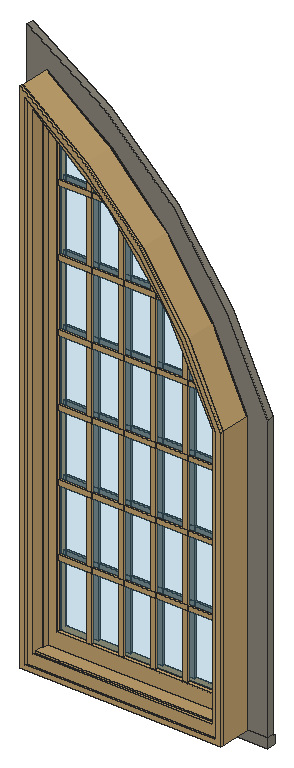
Revit family
Parameters (values of type "CUDHRTP-NG RT25")
  Window Type = "Clad Ultimate DH Round Top Picture RT25 - NG"
  Void Offset 2 = if(Subsill Visibility, 0' 0", 0' 9")  # 0' - 0"
  Void Offset = if(Casing Visibility, 0' 0", 0' 9")  # 0' - 0"
  URL = "www.marvin.com"
  Subsill Height_2 = if(Subsill A217, 0' 1 11/32", 0' 0 9/16")  # 0' - 1 11/32"
  Subsill Height = if(Subsill A217 Visibility, 0' 1 11/32", if(Subsill A246 Visibility, 0' 0 9/16", 0' 0"))  # 0' - 1 11/32"
  Subsill A246 Visibility = and(Subsill Visibility, Subsill A246)  # no
  Subsill A217 Visibility = and(Subsill Visibility, Subsill A217)  # yes
  Radius = 6' - 0"
  Muntins Interior Visibility = yes
  Muntins Interior Material = Wood-Marvin-Pine
  Muntins Exterior Visibility = yes
  Muntins Exterior Material = Aluminum-Marvin-Bronze
  Mask Offset [instance] = if(Inset to Installation Flange = 0' 1 3/32", 0' 0 1/32", 0' 0")  # 0' - 0"
  Lites Wide = 5
  Lites High = 7
  Interior Material = Wood-Marvin-Pine
  Frame = "Aluminum Clad"
  Flat Casing Visibility = and(Casing Visibility, Flat Casing)  # yes
  Egress Window = ""
  Design Pressure = "DP50"
  Cladding Material = Aluminum-Marvin-Bronze
  Center_V = sin(Angle 3) * Radius  # 2' - 1.58429"
  Center_H = cos(Angle 3) * Radius  # 5' - 7.30115"
  Casing Width_2 = if(BMC, 0' 1 5/16", 0' 3")  # 0' - 3"
  Casing Visibility = yes
  Subsill Visibility = yes
  BMC Visibility = and(Casing Visibility, BMC)  # no
  BMC = no
  Flat Casing = not(BMC)  # yes
  Subsill A246 = no
  Subsill A217 = not(Subsill A246)  # yes
  Glazing Material = Glass-Marvin-IG Low E II with Argon
  Springline = 3' - 6"
  Nominal Width = 2' - 6"
  Nominal Height = 6' - 6"
  Model = "CUDHRTP-NG RT25"
  Mask [instance] = Inset to Installation Flange > 0' 1 3/32"  # no
  Manufacturer = "Marvin Windows and Doors"
  Label Visibility = no
  Glass Type = "IG Low E II with Argon"
  Family created by = "www.rbuiltcomponents.com"
  Rough Width = Width + 0' 1"  # 2' - 7"
  Rough Height = Height + 0' 0 1/2"  # 6' - 6 1/2"
  Jamb Extension Visibility = yes
  Inset to Installation Flange [instance] = 0' - 1"
  Height = Nominal Height  # 6' - 6"
  Description = "DH RT25"
  Default Head Height = 8' - 0"
  Wall Closure = (empty or 0)
  Width = Nominal Width  # 2' - 6"
  DLO Width = Width - 0' 6 17/32"  # 1' - 11 15/32"
  DLO Height = Height - 0' 8 5/64"  # 5' - 9 59/64"
  Casing Width = if(BMC Visibility, 0' 1 5/16", if(Flat Casing Visibility, 0' 3", 0' 0"))  # 0' - 3"
  Assembly Code = ""
  Bulge = Radius - (sqrt(Radius ^ 2 - (Chord ^ 2 / 4)))  # 0' - 3.91917"
  Chord = sqrt((Height - Springline) ^ 2 + Width ^ 2)  # 3' - 10.8615"
  Angle 3 = Angle 1 - Angle 2  # 20.8141°
  Angle 2 = asin(0.5 * Chord / Radius)  # 18.9915°
  Angle 1 = asin(Width / Chord)  # 39.8056°
Reference planes (in)
  plane 1 "Center (Front/Back)": y = 0
  plane 2: z = 0
  plane 3 "Center (Left/Right)": x = -3
  plane 4 "Left": x = -18
  plane 5 "Right": x = 12
  plane 6 "Sill": z = 18
  plane 7 "Top": z = 96
  plane 8 "Inset": y = 2
  plane 9 "Glazing": y = 1.40625
  plane 10 "Jamb Ext Face": y = -2.5625
  plane 11: z = 57.77344
  plane 12: z = 60
  plane 13: y = -2.59375
  plane 14: z = 22.8125
  plane 15 "Glazing2": y = 0.40625
  plane 16: z = 92.73438
  plane 17: x = -55.30115
  plane 18: z = 34.41571
Forms (in)
  Sweep 1, solid, material "Wood-Marvin-Pine" <- "Interior Material"
    path origin (0, 2, 0) x (1, 0, 0) y (0, 0, 1)
      loop
        line (12, 18) -> (12, 60)
        arc (12, 60) -> (0.01079, 80.50899) -> (-18, 96) r 72
        line (-18, 96) -> (-18, 18)
    profile "Profile_Ext_Clad_Frame : Profile_Ext_Clad_Frame" origin (-18, 2, 57) x (1, 0, 0) y (0, -1, 0)
      loop
        line (0, 0) -> (0, -1.09401) -> (0.59375, -1.09401) -> (0.66381, -0.62526) -> (0.9375, -0.62526) -> (0.9375, -0.21901) -> (1.78125, -0.21901) -> (1.78125, 0.12474) -> (1.5625, 0.12474) -> (1.5625, 2) -> (1.78125, 2) -> (1.78125, 2.75) -> (1.5, 2.75) -> (1.5, 4.5625) -> (0, 4.5625) -> (0, 0.0625) -> (0.0625, 0.0625) -> (0.0625, 0) -> (0, 0)
  Extrusion 2, solid, material "Glass-Marvin-IG Low E II with Argon" <- "Glazing Material"
    sketch origin (0, 1.40625, 0) x (1, 0, 0) y (0, 0, 1)
      loop
        line (9.48437, 22.07813) -> (9.48437, 59.53373)
        arc (9.48437, 59.53373) -> (-0.63265, 77.30433) -> (-15.48438, 91.36045) r 69.48437
        line (-15.48438, 91.36045) -> (-15.48438, 22.07813) -> (9.48437, 22.07813)
    from 0 to 0.1875
  Extrusion 3, void
    sketch origin (0, 0, 0) x (1, 0, 0) y (0, 0, 1)
      loop
        line (12, 18) -> (12, 60)
        arc (12, 60) -> (0.01079, 80.50899) -> (-18, 96) r 72
        line (-18, 96) -> (-18, 18) -> (12, 18)
    from -3 to 3
  Sweep 4, solid, material "Aluminum-Marvin-Bronze" <- "Cladding Material", visible <- "BMC Visibility"
    path origin (0, 2, 0) x (1, 0, 0) y (0, 0, 1)
      loop
        line (12, 18) -> (12, 60)
        arc (12, 60) -> (0.01079, 80.50899) -> (-18, 96) r 72
        line (-18, 96) -> (-18, 18)
    profile "BMC_Clad : BMC_Clad" origin (-18, 2, 57) x (1, 0, 0) y (0, -1, 0)
      loop
        line (-0.71589, -1.25) -> (-0.38081, -1.09375) -> (0, -1.09375) -> (0, 0) -> (-1.3125, 0) -> (-1.3125, -1.25) -> (-0.71589, -1.25)
  Sweep 5, solid, material "Aluminum-Marvin-Bronze" <- "Cladding Material", visible <- "Flat Casing Visibility"
    path origin (0, 2, 0) x (1, 0, 0) y (0, 0, 1)
      loop
        line (-18, 18) -> (-18, 96)
        arc (-18, 96) -> (0.01079, 80.50899) -> (12, 60) r 72
        line (12, 60) -> (12, 18)
    profile "Flat_Casing_Clad : Flat_Casing_Clad" origin (12, 2, 39) x (1, 0, 0) y (0, -1, 0)
      loop
        line (3, -1.09375) -> (3, 0) -> (0, 0) -> (0, -1.09375) -> (3, -1.09375)
  Sweep 6, solid, material "Aluminum-Marvin-Bronze" <- "Cladding Material", visible <- "Subsill Visibility"
    path origin (0, 2, 0) x (1, 0, 0) y (0, 0, 1)
      loop
        line (15, 18) -> (-21, 18)
    profile origin (-3, 2, 18) x (0, 0, -1) y (0, -1, 0)
      loop
        line (0, 0) -> (0, -1.09401) -> (0.15265, -1.09401) -> (0.1875, -1.34375) -> (1.34375, -1.34375) -> (1.34375, 0) -> (0, 0)
  Sweep 7, void
    path origin (0, 2, 0) x (1, 0, 0) y (0, 0, 1)
      loop
        line (-18, 18) -> (-18, 96)
        arc (-18, 96) -> (0.01079, 80.50899) -> (12, 60) r 72
        line (12, 60) -> (12, 18)
    profile origin (12, 2, 39) x (0, -1, 0) y (1, 0, 0)
      loop
        line (0, 0) -> (0, 3) -> (-13, 3) -> (-13, 0) -> (0, 0)
  Sweep 8, void
    path origin (0, 2, 0) x (1, 0, 0) y (0, 0, 1)
      loop
        line (-21, 18) -> (15, 18)
    profile origin (-3, 2, 18) x (0, 0, 1) y (0, -1, 0)
      loop
        line (0, 0) -> (-1.34375, 0) -> (-1.34375, -12) -> (0, -12) -> (0, 0)
  Sweep 9, solid, material "Wood-Marvin-Pine" <- "Interior Material", visible <- "Jamb Extension Visibility"
    path origin (0, -2.5625, 0) x (1, 0, 0) y (0, 0, 1)
      loop
        line (12, 18) -> (12, 60)
        arc (12, 60) -> (0.01079, 80.50899) -> (-18, 96) r 72
        line (-18, 96) -> (-18, 18) -> (12, 18)
    profile origin (-3, -2.5625, 18) x (0, 0, -1) y (0, -1, 0)
      loop
        line (0, 0.03125) -> (0, 0.4375) -> (-0.6875, 0.4375) -> (-0.6875, 0.03125) -> (0, 0.03125)
  Sweep 10, solid, material "Wood-Marvin-Pine" <- "Interior Material"
    path origin (0, 2, 0) x (1, 0, 0) y (0, 0, 1)
      loop
        line (-18, 96) -> (-18, 19.5625) -> (12, 19.5625) -> (12, 60)
        arc (12, 60) -> (0.01079, 80.50899) -> (-18, 96) r 72
    profile "Sash : Sash" origin (-18, 2, 57.78125) x (1, 0, 0) y (0, -1, 0)
      loop
        line (1.60938, 0.59375) -> (1.60938, 0.25) -> (3.07813, 0.25) -> (3.07813, 0.40113) -> (3.26563, 0.5578) -> (3.26563, 0.59375) -> (2.51563, 0.59375) -> (2.51563, 1.5625) -> (3.26563, 1.5625) -> (3.26563, 1.71407) -> (3.04662, 1.93308) -> (3.04662, 2) -> (1.60938, 2) -> (1.60938, 0.59375)
  Sweep 11, solid, material "Wood-Marvin-Pine" <- "Interior Material"
    path origin (0, 2, 0) x (1, 0, 0) y (0, 0, 1)
      loop
        line (-18, 18) -> (12, 18)
    profile "Clad Sill : Clad Sill" origin (-3, 2, 18) x (0, 0, 1) y (0, -1, 0)
      loop
        line (0, 4.5625) -> (0, -1.09375) -> (0.59375, -1.09375) -> (0.72218, -0.23438) -> (0.80316, -0.23438) -> (1.36026, 2) -> (2.46875, 2) -> (2.46875, 4.09375) -> (2.22769, 4.09375) -> (2.22769, 4.5625) -> (0, 4.5625)
  Extrusion 12, solid, material "Glass-Marvin-IG Low E II with Argon" <- "Glazing Material"
    sketch origin (0, 0.40625, 0) x (1, 0, 0) y (0, 0, 1)
      loop
        arc (9.48437, 59.53373) -> (-0.63265, 77.30433) -> (-15.48438, 91.36045) r 69.48437
        line (-15.48438, 91.36045) -> (-15.48438, 22.07813) -> (9.48437, 22.07813) -> (9.48437, 59.53373)
    from 0 to -0.1875
  Sweep 13, solid, material "Wood-Marvin-Pine" <- "Interior Material"
    path in 3D
      loop
        line (-16.39063, 1.75, 21.17188) -> (10.39062, 1.75, 21.17188)
    profile "Clad Sash bottom ext : Clad Sash bottom ext" origin (-3, 1.75, 21.17188) x (0, -1, 0) y (0, 0, -1)
      loop
        line (1.75, 1.8125) -> (0.25, 1.8125) -> (0.25, 2.1875) -> (0, 2.1875) -> (0, 0) -> (1.75, 0) -> (1.75, 1.8125)
Cuts and joins
  joined: Sweep 1, Sweep 11
  joined: Sweep 10, Sweep 13
Lines and regions (in)
  Masking region 1
    outline origin (0, 0, 18) x (0, -1, 0) y (1, 0, 0)
      loop
        line (-3.09401, -18) -> (2.59375, -18) -> (2.59375, 12) -> (-3.09401, 12) -> (-3.09401, -18)
  Masking region 2
    outline origin (-3, 0, 0) x (0, 1, 0) y (0, 0, 1)
      loop
        line (3.09375, 96) -> (-2.5625, 96) -> (-2.5625, 18) -> (3.09375, 18) -> (3.09375, 96)
  Masking region 3, visible <- "Mask"
    outline origin (0, 0, 18) x (0, -1, 0) y (1, 0, 0)
      loop
        line (-3.09401, -21) -> (-3, -21) -> (-3, 15) -> (-3.09401, 15) -> (-3.09401, -21)
  Masking region 4, visible <- "Mask"
    outline origin (-3, 0, 0) x (0, 1, 0) y (0, 0, 1)
      loop
        line (3.09375, 99) -> (3, 99) -> (3, 16.65625) -> (3.09375, 16.65625) -> (3.09375, 99)
  Masking region 5, visible <- "Casing Visibility"
    outline origin (0, 0, 18) x (0, -1, 0) y (1, 0, 0)
      loop
        line (-3.09375, -21) -> (-2, -21) -> (-2, -18) -> (-3.09375, -18) -> (-3.09375, -21)
      loop
        line (-3.09375, 12) -> (-2, 12) -> (-2, 15) -> (-3.09375, 15) -> (-3.09375, 12)
  Masking region 6, visible <- "Subsill Visibility"
    outline origin (-3, 0, 0) x (0, 1, 0) y (0, 0, 1)
      loop
        line (3.34375, 16.65625) -> (3.34375, 17.8125) -> (3.09401, 17.84735) -> (3.09401, 18) -> (2, 18) -> (2, 16.65625) -> (3.34375, 16.65625)
  Masking region 7, visible <- "Casing Visibility"
    outline origin (-3, 0, 0) x (0, 1, 0) y (0, 0, 1)
      loop
        line (3.09375, 99) -> (2, 99) -> (2, 96) -> (3.09375, 96) -> (3.09375, 99)
  Masking region 8
    outline origin (0, 0, 18) x (0, -1, 0) y (1, 0, 0)
      loop
        line (2.59375, -18) -> (3, -18) -> (3, 12) -> (2.59375, 12) -> (2.59375, -18)
  Masking region 9
    outline origin (-3, 0, 0) x (0, 1, 0) y (0, 0, 1)
      loop
        line (-2.59375, 96) -> (-3, 96) -> (-3, 18) -> (-2.59375, 18) -> (-2.59375, 96)
  Split face 1
    outline origin (-18, 1.9375, 96) x (0, 0, -1) y (0, -1, 0)
      loop
        line (77.1384, -0.0625) -> (78, -0.0625)
  Split face 2
    outline origin (12, 1.9375, 18) x (0, 0, 1) y (0, -1, 0)
      loop
        line (0.8616, -0.0625) -> (0, -0.0625)
  Split face 3
    outline origin (12, 2, 18) x (0, -1, 0) y (1, 0, 0)
      loop
        line (0, 0) -> (0, -30)
  symbolic lines, style "Jamb Extension", visible <- "Jamb Extension Visibility", detail levels fine
    curve 1: line (-3, -3, 95.3125) -> (-3, -2.59375, 95.3125)
    curve 2: line (-3, -3, 18.6875) -> (-3, -2.59375, 18.6875)
    curve 47: line (-17.3125, -2.59375, 18) -> (-17.3125, -3, 18)
    curve 48: line (11.3125, -3, 18) -> (11.3125, -2.59375, 18)
    curve 49: line (12, -3, 18) -> (11.3125, -3, 18)
    curve 50: line (-17.3125, -3, 18) -> (-18, -3, 18)
  symbolic lines, style "WindowsFrameMullionProjection", detail levels coarse+medium
    curve 3: line (12, -2.5625, 18) -> (10.5, -2.5625, 18)
    curve 4: line (10.5, -2.5625, 18) -> (10.5, 3.09375, 18)
    curve 5: line (10.5, 3.09375, 18) -> (12, 3.09375, 18)
    curve 6: line (10.5, 1.75, 18) -> (8.73437, 1.75, 18)
    curve 7: line (8.73437, 1.75, 18) -> (8.73437, 0, 18)
    curve 8: line (-16.5, 0, 18) -> (-14.73438, 0, 18)
    curve 9: line (-18, -2.5625, 18) -> (-16.5, -2.5625, 18)
    curve 10: line (-16.5, -2.5625, 18) -> (-16.5, 3.09401, 18)
    curve 11: line (-16.5, 3.09401, 18) -> (-18, 3.09401, 18)
    curve 12: line (-14.73438, 1.75, 18) -> (-14.73438, 0, 18)
    curve 13: line (-3, 3.09401, 96) -> (-3, 3.09401, 94.5)
    curve 14: line (-3, 3.09401, 94.5) -> (-3, -2.5625, 94.5)
    curve 15: line (-3, -2.5625, 94.5) -> (-3, -2.5625, 96)
    curve 16: line (-3, 1.75, 94.5) -> (-3, 1.75, 92.73438)
    curve 17: line (-3, 1.75, 92.73438) -> (-3, 0, 92.73438)
    curve 18: line (-3, 0, 19.36026) -> (-3, 0, 22.8125)
    curve 19: line (-3, 3.09401, 18) -> (-3, 3.09401, 18.58883)
    curve 20: line (-3, -2.5625, 20.46875) -> (-3, -2.5625, 18)
    curve 21: line (-3, 1.75, 22.8125) -> (-3, 0, 22.8125)
    curve 22: line (8.73437, 1.75, 18) -> (-14.73438, 1.75, 18)
    curve 23: line (8.73437, 0, 18) -> (10.5, 0, 18)
    curve 24: line (-14.73438, 1.75, 18) -> (-16.5, 1.75, 18)
    curve 25: line (-3, 0, 22.8125) -> (-3, 0, 92.73438)
    curve 26: line (-3, 1.75, 22.8125) -> (-3, 1.75, 18.92393)
    curve 27: line (-3, 0, 92.73438) -> (-3, 0, 94.5)
    curve 28: line (-3, 1.75, 92.73438) -> (-3, 1.75, 22.8125)
    curve 36: line (-14.73438, 0, 18) -> (8.73437, 0, 18)
    curve 71: line (-3, -3, 96) -> (-3, 3.09375, 96)
    curve 82: line (-18, 3.09401, 18) -> (-18, -3, 18)
    curve 83: line (12, -3, 18) -> (12, 3.09375, 18)
    curve 91: line (-3, 0, 20.46875) -> (-3, -2.5625, 20.46875)
    curve 92: line (-3, 0, 19.36026) -> (-3, 3.09401, 18.58883)
  symbolic lines, style "Jamb Extension", visible <- "Jamb Extension Visibility"
    curve 29: line (-3, -3, 18.6875) -> (-3, -3, 18)
    curve 30: line (-3, -3, 95.3125) -> (-3, -3, 96)
  symbolic lines, style "WindowsFrameMullionProjection", visible <- "Jamb Extension Visibility", detail levels coarse+medium
    curve 31: line (-3, -2.59375, 95.3125) -> (-3, -3, 95.3125)
    curve 32: line (-3, -3, 95.3125) -> (-3, -3, 96)
    curve 33: line (-3, -2.59375, 18.6875) -> (-3, -3, 18.6875)
    curve 34: line (-3, -3, 18.6875) -> (-3, -3, 18)
    curve 51: line (-17.3125, -2.59375, 18) -> (-17.3125, -3, 18)
    curve 52: line (-18, -3, 18) -> (-17.3125, -3, 18)
    curve 53: line (11.3125, -3, 18) -> (11.3125, -2.59375, 18)
    curve 54: line (11.3125, -3, 18) -> (12, -3, 18)
  symbolic lines, style "WindowsGlassProjection", detail levels coarse+medium
    curve 35: line (-14.73438, 0.875, 18) -> (8.73437, 0.875, 18)
    curve 67: line (-3, 0.875, 22.8125) -> (-3, 0.875, 92.73438)
  symbolic lines, style "Jamb Extension", visible <- "BMC Visibility", detail levels fine
    curve 37: line (-19.3125, 3.25, 18) -> (-18.71589, 3.25, 18)
    curve 38: line (-18.71589, 3.25, 18) -> (-18.38136, 3.09401, 18)
    curve 39: line (-19.3125, 3.09401, 18) -> (-19.3125, 3.25, 18)
    curve 40: line (12.71589, 3.25, 18) -> (13.3125, 3.25, 18)
    curve 41: line (12.38081, 3.09375, 18) -> (12.71589, 3.25, 18)
    curve 42: line (13.3125, 3.25, 18) -> (13.3125, 3.09375, 18)
    curve 43: line (-18.38136, 3.09401, 18) -> (-18, 3.09401, 18)
    curve 44: line (12.38081, 3.09375, 18) -> (12, 3.09375, 18)
    curve 73: line (-3, 3.25, 96.65144) -> (-3, 3.25, 99)
    curve 74: line (-3, 3.09375, 96) -> (-3, 3.09375, 96.38081)
    curve 75: line (-3, 3.09375, 96.38081) -> (-3, 3.25, 96.65144)
    curve 76: line (-3, 3.25, 99) -> (-3, 3.09375, 99)
  symbolic lines, style "Jamb Extension", visible <- "Flat Casing Visibility", detail levels fine
    curve 45: line (-18, 3.09401, 18) -> (-21, 3.09401, 18)
    curve 46: line (15, 3.09375, 18) -> (12, 3.09375, 18)
    curve 80: line (-3, 3.09375, 96) -> (-3, 3.09375, 99)
    curve 81: line (-3, 3.09375, 99) -> (-3, 2, 99)
  symbolic lines, style "WindowsFrameMullionProjection", visible <- "BMC Visibility", detail levels coarse+medium
    curve 55: line (-19.3125, 2, 18) -> (-19.3125, 3.25, 18)
    curve 56: line (-19.3125, 3.25, 18) -> (-18.71589, 3.25, 18)
    curve 57: line (-18.71589, 3.25, 18) -> (-18.38136, 3.09401, 18)
    curve 58: line (-18.38136, 3.09401, 18) -> (-18, 3.09401, 18)
    curve 59: line (13.3125, 3.25, 18) -> (13.3125, 2, 18)
    curve 60: line (12.38081, 3.09375, 18) -> (12.71589, 3.25, 18)
    curve 61: line (12.71589, 3.25, 18) -> (13.3125, 3.25, 18)
    curve 62: line (12, 3.09375, 18) -> (12.38081, 3.09375, 18)
    curve 68: line (-3, 3.25, 96.65144) -> (-3, 3.25, 99)
    curve 69: line (-3, 3.09375, 96) -> (-3, 3.09375, 96.38081)
    curve 70: line (-3, 3.09375, 96.38081) -> (-3, 3.25, 96.65144)
    curve 72: line (-3, 3.25, 99) -> (-3, 2, 99)
  symbolic lines, style "WindowsFrameMullionProjection", visible <- "Flat Casing Visibility", detail levels coarse+medium
    curve 63: line (15, 3.09375, 18) -> (12, 3.09375, 18)
    curve 64: line (15, 3.09375, 18) -> (15, 2, 18)
    curve 65: line (-21, 2, 18) -> (-21, 3.09401, 18)
    curve 66: line (-18, 3.09401, 18) -> (-21, 3.09401, 18)
    curve 78: line (-3, 3.09375, 96) -> (-3, 3.09375, 99)
    curve 79: line (-3, 3.09375, 99) -> (-3, 2, 99)
  symbolic lines, style "WindowsFrameMullionProjection", visible <- "Casing Visibility", detail levels coarse+medium
    curve 77: line (-3, 2, 99) -> (-3, 2, 96)
  symbolic lines, style "WindowsFrameMullionProjection", visible <- "Subsill Visibility", detail levels coarse+medium
    curve 84: line (-3, 3.09401, 17.84735) -> (-3, 3.09401, 18)
    curve 85: line (-3, 3.34375, 17.8125) -> (-3, 3.09401, 17.84735)
    curve 86: line (-3, 3.34375, 16.65625) -> (-3, 3.34375, 17.8125)
    curve 87: line (-3, 2, 16.65625) -> (-3, 3.34375, 16.65625)
  reference lines
    curve 88: line (12, 2, 60) -> (-18, 2, 96)
    curve 89: arc (12, 2, 60) -> (0.01079, 2, 80.50899) -> (-18, 2, 96) r 72
  sketch lines
    curve 90: line (-16.39063, 1.75, 21.17188) -> (10.39062, 1.75, 21.17188)
Text (in)
  text "EXTERIOR" at (-58.6888, 50.90694, 0), in view "Ref. Level"
  text "INTERIOR" at (-58.6888, -37.76638, 0), in view "Ref. Level"
  text "Exterior" at (0, 43.65631, 123.19604), in view "Left"
  text "Exterior" at (0, 18.29385, 125.04747), in view "Right"
Dimensions and locks (in)
  equal spacing: plane 4 "Left", plane 3 "Center (Left/Right)", plane 5 "Right"
  "Width": plane 4 "Left" to plane 5 "Right"
  "Height": plane 6 "Sill" to plane 7 "Top"
  "Inset to Installation Flange": host wall to plane 8 "Inset"
  plane 15 "Glazing2" to plane 9 "Glazing" to plane 8 "Inset" = 0' - 1" locked, 0' - 0 19/32" locked
  locked: plane 10 "Jamb Ext Face" to plane 8 "Inset" at 4.5625
  "Default Head Height": plane 2 to plane 7 "Top"
  locked: nested 1 to host wall at 12.00106
  plane 9 "Glazing" to Extrusion 2 = 0' - 0 3/16"
  locked: curve 31 to plane 7 "Top" at 0.6875
  locked: plane 6 "Sill" to curve 33 at 0.6875
  equal spacing: plane 14, plane 11, plane 16
  "Casing Width": plane 5 "Right" to Sweep 6 sketch curve
  "Casing Width": Sweep 6 sketch curve to plane 4 "Left"
  locked: Sweep 6 sketch curve to Sweep 6 sketch curve at 1.34375
  "Subsill Height_2": Sweep 6 sketch curve to plane 6 "Sill"
  "Casing Width": Masking region 3 sketch curve to plane 4 "Left"
  "Casing Width": plane 5 "Right" to Masking region 3 sketch curve
  "Casing Width_2": Masking region 5 sketch curve to plane 4 "Left"
  "Casing Width_2": plane 5 "Right" to Masking region 5 sketch curve
  "Subsill Height": Masking region 4 sketch curve to plane 6 "Sill"
  "Casing Width": plane 7 "Top" to Masking region 4 sketch curve
  "Casing Width_2": plane 7 "Top" to Masking region 7 sketch curve
  locked: nested 4 to plane 9 "Glazing" at 1.03125
  "Casing Width_2": plane 5 "Right" to Sweep 7 sketch curve
  "Void Offset": plane 8 "Inset" to Sweep 7 sketch curve
  locked: Sweep 7 sketch curve to host wall at 12
  "Casing Width": Sweep 8 sketch curve to plane 4 "Left"
  "Casing Width": plane 5 "Right" to Sweep 8 sketch curve
  locked: Sweep 8 sketch curve to plane 8 "Inset" at 12
  "Void Offset 2": Sweep 8 sketch curve to plane 8 "Inset"
  "Subsill Height_2": Sweep 8 sketch curve to plane 6 "Sill"
  "Springline": plane 6 "Sill" to plane 12
  locked: Sweep 9 sketch curve to profile plane at 0.6875
  locked: plane 13 to plane 10 "Jamb Ext Face" at 0.03125
  "Mask Offset": Masking region 3 sketch curve to host wall
  "Mask Offset": Masking region 4 sketch curve to host wall
  locked: plane 6 "Sill" to plane 14 at 4.8125
  locked: Sweep 10 sketch curve to plane 14 at 3.25
  locked: plane 16 to plane 7 "Top" at 3.26563
  equal spacing: curve 16, curve 67, curve 27
  equal spacing: curve 24, curve 35, curve 8
  "Center_V": plane 18 to plane 12
  "Center_H": plane 17 to plane 5 "Right"
  "Radius": radius of curve 89
  aligned and locked: plane 5 "Right" to Sweep 1 sketch curve
  aligned and locked: plane 5 "Right" to Masking region 1 sketch curve
  aligned and locked: Masking region 1 sketch curve to plane 4 "Left"
  aligned and locked: plane 7 "Top" to Masking region 2 sketch curve
  aligned and locked: Masking region 2 sketch curve to plane 6 "Sill"
  aligned and locked: plane 3 "Center (Left/Right)" to nested 1
  aligned and locked: curve 20 to plane 10 "Jamb Ext Face"
  aligned and locked: plane 6 "Sill" to curve 29
  aligned and locked: curve 29 to host wall
  aligned and locked: host wall to curve 32
  aligned and locked: plane 6 "Sill" to curve 34
  aligned and locked: Extrusion 2 to plane 9 "Glazing"
  aligned and locked: plane 9 "Glazing" to Extrusion 2
  aligned and locked: nested 2 to plane 6 "Sill"
  aligned and locked: host wall to Extrusion 3  (x2)
  aligned and locked: plane 5 "Right" to Extrusion 3 sketch curve
  aligned and locked: Extrusion 3 sketch curve to plane 6 "Sill"
  aligned and locked: Extrusion 3 sketch curve to plane 4 "Left"
  aligned and locked: plane 5 "Right" to Sweep 4 sketch curve
  aligned and locked: Sweep 4 sketch curve to plane 4 "Left"
  aligned and locked: Sweep 5 sketch curve to plane 4 "Left"
  aligned and locked: plane 6 "Sill" to Sweep 6 sketch curve  (x2)
  aligned and locked: Sweep 6 sketch curve to plane 8 "Inset"
  aligned and locked: plane 4 "Left" to Masking region 5 sketch curve
  aligned and locked: Masking region 5 sketch curve to plane 8 "Inset"  (x2)
  aligned and locked: Masking region 5 sketch curve to plane 5 "Right"
  aligned and locked: curve 7 to curve 35
  aligned and locked: curve 12 to curve 36
  aligned and locked: curve 8 to curve 36
  aligned and locked: curve 37 to Sweep 4
  aligned and locked: Sweep 4 to curve 38
  aligned and locked: Sweep 4 to curve 39
  aligned and locked: curve 41 to Sweep 4
  aligned and locked: curve 44 to Sweep 4
  aligned and locked: plane 5 "Right" to curve 44
  aligned and locked: curve 55 to Sweep 4
  aligned and locked: curve 59 to Sweep 4
  aligned and locked: curve 63 to Masking region 5
  aligned and locked: curve 64 to Sweep 5
  aligned and locked: curve 65 to Sweep 5
  aligned and locked: Masking region 2 sketch curve to Sweep 5
  aligned and locked: nested 2 to plane 8 "Inset"
  aligned and locked: Masking region 4 sketch curve to Sweep 5
  aligned and locked: Masking region 6 sketch curve to Sweep 6  (x6)
  aligned and locked: Masking region 7 sketch curve to plane 7 "Top"
  aligned and locked: Masking region 7 sketch curve to plane 8 "Inset"
  aligned and locked: Masking region 7 sketch curve to Sweep 5
  aligned and locked: Sweep 4 to curve 69
  aligned and locked: curve 71 to nested 2
  aligned and locked: curve 72 to Masking region 7
  aligned and locked: Sweep 4 to curve 73
  aligned and locked: curve 77 to Sweep 4
  aligned and locked: curve 81 to Masking region 7
  aligned and locked: curve 82 to Sweep 5
  aligned and locked: curve 83 to Sweep 5
  aligned and locked: plane 11 to nested 3
  aligned and locked: nested 4 to plane 11
  aligned and locked: nested 3 to plane 3 "Center (Left/Right)"
  aligned and locked: plane 3 "Center (Left/Right)" to nested 4
  aligned and locked: plane 9 "Glazing" to nested 3
  aligned and locked: curve 84 to Sweep 6
  aligned and locked: curve 85 to Sweep 6
  aligned and locked: curve 86 to Sweep 6
  aligned and locked: curve 87 to Sweep 6
  aligned and locked: plane 5 "Right" to Sweep 7 sketch curve
  aligned and locked: Sweep 8 sketch curve to plane 6 "Sill"  (x2)
  aligned and locked: Sweep 7 sketch curve to plane 4 "Left"
  aligned and locked: plane 4 "Left" to Sweep 9 sketch curve
  aligned and locked: Sweep 9 sketch curve to plane 6 "Sill"
  aligned and locked: Sweep 9 sketch curve to plane 5 "Right"
  aligned and locked: host wall to Sweep 9 sketch curve
  aligned and locked: plane 6 "Sill" to Sweep 9 sketch curve
  aligned and locked: plane 7 "Top" to curve 89
  aligned and locked: plane 12 to curve 89
  aligned and locked: host wall to curve 83
  aligned and locked: host wall to curve 82
  aligned and locked: Sweep 9 sketch curve to plane 13
  aligned and locked: plane 13 to curve 47
  aligned and locked: plane 13 to curve 51
  aligned and locked: plane 13 to curve 53
  aligned and locked: plane 13 to curve 48
  aligned and locked: Masking region 1 sketch curve to plane 13
  aligned and locked: Masking region 8 sketch curve to plane 4 "Left"
  aligned and locked: plane 5 "Right" to Masking region 8 sketch curve
  aligned and locked: plane 13 to Masking region 8 sketch curve
  aligned and locked: Masking region 8 sketch curve to host wall
  aligned and locked: plane 13 to curve 2
  aligned and locked: plane 13 to curve 33
  aligned and locked: plane 13 to curve 1
  aligned and locked: plane 13 to curve 31
  aligned and locked: Masking region 2 sketch curve to plane 10 "Jamb Ext Face"
  aligned and locked: plane 7 "Top" to Masking region 9 sketch curve
  aligned and locked: Masking region 9 sketch curve to plane 6 "Sill"
  aligned and locked: plane 13 to Masking region 9 sketch curve
  aligned and locked: Masking region 9 sketch curve to host wall
  aligned and locked: plane 4 "Left" to Sweep 10 sketch curve
  aligned and locked: plane 5 "Right" to Sweep 10 sketch curve
  aligned and locked: Sweep 10 sketch curve to curve 89
  aligned and locked: plane 6 "Sill" to Sweep 11 sketch curve
  aligned and locked: plane 5 "Right" to Sweep 11 sketch curve
  aligned and locked: plane 4 "Left" to Sweep 11 sketch curve
  aligned and locked: Extrusion 2 sketch curve to Sweep 10  (x4)
  aligned and locked: Extrusion 12 sketch curve to Extrusion 2  (x4)
  aligned and locked: plane 14 to curve 21
  aligned and locked: curve 26 to nested 2
  aligned and locked: curve 18 to nested 2
  aligned and locked: curve 19 to nested 2
  aligned and locked: curve 91 to nested 2
  aligned and locked: curve 92 to nested 2
  aligned and locked: plane 16 to curve 17
  aligned and locked: curve 14 to nested 2
  aligned and locked: curve 13 to nested 2
  aligned and locked: curve 27 to nested 2
  aligned and locked: Masking region 1 sketch curve to Sweep 6
  aligned and locked: Masking region 3 sketch curve to Sweep 6
  aligned and locked: Masking region 5 sketch curve to Sweep 5  (x2)
  aligned and locked: nested 5 to plane 3 "Center (Left/Right)"
  aligned and locked: plane 8 "Inset" to nested 5
  aligned and locked: curve 10 to nested 5
  aligned and locked: curve 8 to nested 5
  aligned and locked: curve 12 to nested 5
  aligned and locked: curve 4 to nested 5
  aligned and locked: curve 6 to nested 5
  aligned and locked: curve 23 to nested 5
  aligned and locked: curve 7 to nested 5
  aligned and locked: Sweep 1 sketch curve to curve 89
  aligned and locked: Sweep 7 sketch curve to curve 89
  aligned and locked: Sweep 5 sketch curve to curve 89
  aligned and locked: Sweep 4 sketch curve to curve 89
  aligned and locked: Sweep 1 sketch curve to plane 4 "Left"
  aligned and locked: Extrusion 3 sketch curve to curve 89
  aligned and locked: Sweep 9 sketch curve to curve 89
  aligned and locked: Sweep 7 sketch curve to plane 5 "Right"
  aligned and locked: Sweep 5 sketch curve to plane 5 "Right"
  aligned and locked: plane 18 to curve 89
  aligned and locked: plane 17 to curve 89
  aligned and locked: curve 11 to nested 5
Automatic sketch dimensions
  Sweep 6 sketch curve to Sweep 6 sketch curve = 0' - 0.15265"
  Sweep 6 sketch curve to Sweep 6 sketch curve = 0' - 0.03485"
  Sweep 6 sketch curve to Sweep 6 sketch curve = 0' - 0.24974"
  curve 55 to plane 8 "Inset" = 0' - 0"
  curve 64 to plane 8 "Inset" = 0' - 0"
  curve 65 to plane 8 "Inset" = 0' - 0"
  curve 59 to plane 8 "Inset" = 0' - 0"
  curve 3 to plane 10 "Jamb Ext Face" = 0' - 0"
  curve 9 to plane 10 "Jamb Ext Face" = 0' - 0"
  curve 40 to curve 41 = 0' - 0 5/32"
  curve 52 to plane 4 "Left" = 0' - 0 11/16"
  curve 49 to curve 49 = 0' - 0 11/16"
  curve 15 to plane 10 "Jamb Ext Face" = 0' - 0"
  curve 87 to plane 8 "Inset" = 0' - 0"
  curve 20 to plane 6 "Sill" = 0' - 0"
  curve 84 to plane 6 "Sill" = 0' - 0"
  curve 13 to plane 7 "Top" = 0' - 0"
  curve 77 to plane 7 "Top" = 0' - 0"
  curve 69 to curve 69 = 0' - 0.38081"
  curve 69 to curve 68 = 0' - 0.27063"
  Split face 1 sketch curve to cut or joined group of Sweep 1, Sweep 11 = 0' - 0"  (x3)
  Split face 2 sketch curve to cut or joined group of Sweep 1, Sweep 11 = 0' - 0"  (x3)
  Split face 3 sketch curve to cut or joined group of Sweep 1, Sweep 11 = 0' - 0"  (x2)
  cut or joined group of Sweep 1, Sweep 11 to Split face 3 sketch curve = 0' - 1.09401"
  curve 5 to plane 5 "Right" = 0' - 0"
  Sweep 7 sketch curve to plane 6 "Sill" = 0' - 0"  (x2)
  Sweep 5 sketch curve to plane 6 "Sill" = 0' - 0"  (x2)
  Sweep 4 sketch curve to plane 6 "Sill" = 0' - 0"  (x2)
  Sweep 1 sketch curve to plane 6 "Sill" = 0' - 0"  (x2)
Nested families (in)
  nested 1: "Label Annotation 1-16 w4" at (-3, 15.00106, 0), visible <- "Label Visibility", type "Label Annotation 1-16 w4"
    with Nominal Width 2' - 6", Nominal Height 6' - 6"
  nested 2: "Roundtop_Section_Detail" at (-3, 2, 18) x (0, -1, 0) z (1, 0, 0), type "Roundtop_Section_Detail", detail levels fine
    with Height 6' - 6"
  nested 3: "Muntins" at (-3, 1.40625, -13.1875), Muntin Material <- "Muntins Exterior Material", visible <- "Muntins Exterior Visibility", type "Muntins"
    with Muntin Material Aluminum-Marvin-Bronze, Radius 6' - 0", GlazingWidth 1' - 11 15/32", Width 1' - 11 29/32", Inset Vert 0' - 4 13/32", Center V 2' - 1.58429", Center H 5' - 7.30115", Bulge 0' - 3.91917"
  nested 4: "Muntins" at (-3, 0.375, -13.1875), Muntin Material <- "Muntins Interior Material", visible <- "Muntins Interior Visibility", type "Muntins"
    with Muntin Material Wood-Marvin-Pine, Radius 6' - 0", GlazingWidth 1' - 11 15/32", Width 1' - 11 29/32", Inset Vert 0' - 4 13/32", Center V 2' - 1.58429", Center H 5' - 7.30115", Bulge 0' - 3.91917"
  nested 5: "Roundtop_Plan_Detail" at (-3, 2, 18) x (-1, 0, 0) z (0, 0, -1), type "Roundtop_Plan_Detail"
    with Width 2' - 6"
Definition of nested family "Muntins"
  Parameters (values of type "Muntins")
    Springline = 3' - 6"
    Radius = 12' - 6 1/16"
    GlazingWidth = 2' - 2 15/32"
    GlazingHeight = 5' - 9 59/64"
    Width = GlazingWidth + 0' 0 7/16"  # 2' - 2 29/32"
    VerticalMuntins = if(LitesHorizontal < 3, 2, LitesHorizontal - 1)  # 4
    VertMuntVisible = LitesHorizontal > 2  # yes
    MuntinWidth = 0' - 0 3/4"
    MuntinDepth = 0' - 0 1/4"
    Muntin Material [instance] = none
    LitesVertical = 7
    LitesHorizontal = 5
    HorizontalMuntins = if(LitesVertical < 3, 2, LitesVertical - 1)  # 6
    HorizMuntVisible = LitesVertical > 2  # yes
    Height = GlazingHeight + 0' 0 7/16"  # 5' - 10 23/64"
    Inset Vert = if(LitesHorizontal < 3, (Width / 3) - (MuntinWidth / 2), (Width / LitesHorizontal) - (MuntinWidth / 2))  # 0' - 5.00625"
    Inset Horiz = if(LitesVertical < 3, (Height / 3) - (MuntinWidth / 2), (Height / LitesVertical) - (MuntinWidth / 2))  # 0' - 9.67634"
    CenterMuntinVertical = LitesHorizontal = 2  # no
    CenterMuntinHorizontal = LitesVertical = 2  # no
    Center V = 6' - 10.04948"
    Center H = 10' - 5.64488"
    Bulge = 0' - 2"
    Assembly Code = ""
  Reference planes (in)
    plane 1 "Center (Front/Back)": y = 0
    plane 2: z = 0
    plane 3 "Center (Left/Right)": x = 0
    plane 4: z = 35.78125
    plane 5: z = 70.96094
    plane 6: z = 106.14063
    plane 7: z = 96.46429
    plane 8: z = 45.45759
    plane 9: z = 105.92188
    plane 10: z = 36
    plane 11: x = -13.23437
    plane 12: x = 13.23438
    plane 13: x = -8.44687
    plane 14: x = -13.45312
    plane 15: x = 13.45313
    plane 16: x = 8.44688
    plane 17: z = 31.1875
    plane 18: z = 71.09375
    plane 19: x = -16.5
    plane 20: x = 16.5
    plane 21: z = 109.1875
    plane 22: z = 73.1875
    plane 23: z = -8.86198
    plane 24: x = -109.14488
  Forms (in)
    Extrusion 1, solid, material <- "Muntin Material", visible <- "CenterMuntinVertical", detail levels medium+fine
      sketch origin (9, 0, 0) x (1, 0, 0) y (0, 0, 1)
        loop
          line (-9.375, 106.14063) -> (-9.375, 35.78125) -> (-8.625, 35.78125) -> (-8.625, 106.14063) -> (-9.375, 106.14063)
      from 0 to 0.25 <- "MuntinDepth"
    Extrusion 2, solid, material <- "Muntin Material", visible <- "CenterMuntinHorizontal", detail levels medium+fine
      sketch origin (-0.0013, 0, 14.6875) x (1, 0, 0) y (0, 0, 1)
        loop
          line (-13.45182, 56.64844) -> (-13.45182, 55.89844) -> (13.45443, 55.89844) -> (13.45443, 56.64844) -> (-13.45182, 56.64844)
      from 0 to 0.25 <- "MuntinDepth"
    Extrusion 3, solid, material <- "Muntin Material", visible <- "VertMuntVisible", detail levels medium+fine
      sketch origin (1.94301, 0, -2.90625) x (1, 0, 0) y (0, 0, 1)
        loop
          line (-10.38988, 109.04688) -> (-10.38988, 38.6875) -> (-9.63988, 38.6875) -> (-9.63988, 109.04688) -> (-10.38988, 109.04688)
      from 0 to 0.25 <- "MuntinDepth"
    Extrusion 4, solid, material <- "Muntin Material", visible <- "HorizMuntVisible", detail levels medium+fine
      sketch origin (-1.86198, 0, -0.43973) x (1, 0, 0) y (0, 0, 1)
        loop
          line (-11.59115, 46.64732) -> (-11.59115, 45.89732) -> (15.3151, 45.89732) -> (15.3151, 46.64732) -> (-11.59115, 46.64732)
      from 0 to 0.25 <- "MuntinDepth"
    Extrusion 5, solid, material <- "Muntin Material", visible <- "CenterMuntinVertical", detail levels coarse
      sketch origin (9, 0, 0) x (1, 0, 0) y (0, 0, 1)
        loop
          line (-9.03125, 106.14063) -> (-9.03125, 35.78125) -> (-8.96875, 35.78125) -> (-8.96875, 106.14063) -> (-9.03125, 106.14063)
      from 0 to 0.0625
    Extrusion 6, solid, material <- "Muntin Material", visible <- "VertMuntVisible", detail levels coarse
      sketch origin (1.92738, 0, 0) x (1, 0, 0) y (0, 0, 1)
        loop
          line (-10.01488, 106.14063) -> (-10.01488, 35.78125) -> (-9.98363, 35.78125) -> (-9.98363, 106.14063) -> (-10.01488, 106.14063)
      from 0 to 0.0625
    Extrusion 7, solid, material <- "Muntin Material", visible <- "CenterMuntinHorizontal", detail levels coarse
      sketch origin (-0.0013, 0, 14.6875) x (1, 0, 0) y (0, 0, 1)
        loop
          line (-13.45182, 56.30469) -> (-13.45182, 56.24219) -> (13.45443, 56.24219) -> (13.45443, 56.30469) -> (-13.45182, 56.30469)
      from 0 to 0.0625
    Extrusion 8, solid, material <- "Muntin Material", visible <- "HorizMuntVisible", detail levels coarse
      sketch origin (-7.86068, 0, -3.08036) x (1, 0, 0) y (0, 0, 1)
        loop
          line (-5.59245, 48.95982) -> (-5.59245, 48.89732) -> (21.3138, 48.89732) -> (21.3138, 48.95982) -> (-5.59245, 48.95982)
      from 0 to 0.0625
    Extrusion 9, solid, material <- "Muntin Material", visible <- "VertMuntVisible", detail levels medium+fine
      sketch origin (18.08676, 0, -2.90625) x (1, 0, 0) y (0, 0, 1)
        loop
          line (-10.38988, 109.04688) -> (-10.38988, 38.6875) -> (-9.63988, 38.6875) -> (-9.63988, 109.04688) -> (-10.38988, 109.04688)
      from 0 to 0.25 <- "MuntinDepth"
    Extrusion 10, solid, material <- "Muntin Material", visible <- "VertMuntVisible", detail levels coarse
      sketch origin (18.07113, 0, 0) x (1, 0, 0) y (0, 0, 1)
        loop
          line (-10.01488, 106.14063) -> (-10.01488, 35.78125) -> (-9.98363, 35.78125) -> (-9.98363, 106.14063) -> (-10.01488, 106.14063)
      from 0 to 0.0625
    Extrusion 11, solid, material <- "Muntin Material", visible <- "VertMuntVisible", detail levels medium+fine
      sketch origin (7.32426, 0, -2.90625) x (1, 0, 0) y (0, 0, 1)
        loop
          line (-10.38988, 109.04688) -> (-10.38988, 38.6875) -> (-9.63988, 38.6875) -> (-9.63988, 109.04688) -> (-10.38988, 109.04688)
      from 0 to 0.25 <- "MuntinDepth"
    Extrusion 12, solid, material <- "Muntin Material", visible <- "VertMuntVisible", detail levels coarse
      sketch origin (7.30863, 0, 0) x (1, 0, 0) y (0, 0, 1)
        loop
          line (-10.01488, 106.14063) -> (-10.01488, 35.78125) -> (-9.98363, 35.78125) -> (-9.98363, 106.14063) -> (-10.01488, 106.14063)
      from 0 to 0.0625
    Extrusion 13, solid, material <- "Muntin Material", visible <- "HorizMuntVisible", detail levels medium+fine
      sketch origin (-1.86198, 0, 49.81696) x (1, 0, 0) y (0, 0, 1)
        loop
          line (-11.59115, 46.64732) -> (-11.59115, 45.89732) -> (15.3151, 45.89732) -> (15.3151, 46.64732) -> (-11.59115, 46.64732)
      from 0 to 0.25 <- "MuntinDepth"
    Extrusion 14, solid, material <- "Muntin Material", visible <- "HorizMuntVisible", detail levels coarse
      sketch origin (-7.86068, 0, 47.17634) x (1, 0, 0) y (0, 0, 1)
        loop
          line (-5.59245, 48.95982) -> (-5.59245, 48.89732) -> (21.3138, 48.89732) -> (21.3138, 48.95982) -> (-5.59245, 48.95982)
      from 0 to 0.0625
    Extrusion 15, solid, material <- "Muntin Material", visible <- "HorizMuntVisible", detail levels medium+fine
      sketch origin (-1.86198, 0, 9.61161) x (1, 0, 0) y (0, 0, 1)
        loop
          line (-11.59115, 46.64732) -> (-11.59115, 45.89732) -> (15.3151, 45.89732) -> (15.3151, 46.64732) -> (-11.59115, 46.64732)
      from 0 to 0.25 <- "MuntinDepth"
    Extrusion 16, solid, material <- "Muntin Material", visible <- "HorizMuntVisible", detail levels coarse
      sketch origin (-7.86068, 0, 6.97098) x (1, 0, 0) y (0, 0, 1)
        loop
          line (-5.59245, 48.95982) -> (-5.59245, 48.89732) -> (21.3138, 48.89732) -> (21.3138, 48.95982) -> (-5.59245, 48.95982)
      from 0 to 0.0625
    Extrusion 17, solid, material <- "Muntin Material", visible <- "HorizMuntVisible", detail levels medium+fine
      sketch origin (-1.86198, 0, 19.66295) x (1, 0, 0) y (0, 0, 1)
        loop
          line (-11.59115, 46.64732) -> (-11.59115, 45.89732) -> (15.3151, 45.89732) -> (15.3151, 46.64732) -> (-11.59115, 46.64732)
      from 0 to 0.25 <- "MuntinDepth"
    Extrusion 18, solid, material <- "Muntin Material", visible <- "HorizMuntVisible", detail levels coarse
      sketch origin (-7.86068, 0, 17.02232) x (1, 0, 0) y (0, 0, 1)
        loop
          line (-5.59245, 48.95982) -> (-5.59245, 48.89732) -> (21.3138, 48.89732) -> (21.3138, 48.95982) -> (-5.59245, 48.95982)
      from 0 to 0.0625
    Extrusion 19, solid, material <- "Muntin Material", visible <- "VertMuntVisible", detail levels medium+fine
      sketch origin (12.70551, 0, -2.90625) x (1, 0, 0) y (0, 0, 1)
        loop
          line (-10.38988, 109.04688) -> (-10.38988, 38.6875) -> (-9.63988, 38.6875) -> (-9.63988, 109.04688) -> (-10.38988, 109.04688)
      from 0 to 0.25 <- "MuntinDepth"
    Extrusion 20, solid, material <- "Muntin Material", visible <- "VertMuntVisible", detail levels coarse
      sketch origin (12.68988, 0, 0) x (1, 0, 0) y (0, 0, 1)
        loop
          line (-10.01488, 106.14063) -> (-10.01488, 35.78125) -> (-9.98363, 35.78125) -> (-9.98363, 106.14063) -> (-10.01488, 106.14063)
      from 0 to 0.0625
    Extrusion 21, solid, material <- "Muntin Material", visible <- "HorizMuntVisible", detail levels medium+fine
      sketch origin (-1.86198, 0, 29.71429) x (1, 0, 0) y (0, 0, 1)
        loop
          line (-11.59115, 46.64732) -> (-11.59115, 45.89732) -> (15.3151, 45.89732) -> (15.3151, 46.64732) -> (-11.59115, 46.64732)
      from 0 to 0.25 <- "MuntinDepth"
    Extrusion 22, solid, material <- "Muntin Material", visible <- "HorizMuntVisible", detail levels coarse
      sketch origin (-7.86068, 0, 27.07366) x (1, 0, 0) y (0, 0, 1)
        loop
          line (-5.59245, 48.95982) -> (-5.59245, 48.89732) -> (21.3138, 48.89732) -> (21.3138, 48.95982) -> (-5.59245, 48.95982)
      from 0 to 0.0625
    Extrusion 23, solid, material <- "Muntin Material", visible <- "HorizMuntVisible", detail levels medium+fine
      sketch origin (-1.86198, 0, 39.76562) x (1, 0, 0) y (0, 0, 1)
        loop
          line (-11.59115, 46.64732) -> (-11.59115, 45.89732) -> (15.3151, 45.89732) -> (15.3151, 46.64732) -> (-11.59115, 46.64732)
      from 0 to 0.25 <- "MuntinDepth"
    Extrusion 24, solid, material <- "Muntin Material", visible <- "HorizMuntVisible", detail levels coarse
      sketch origin (-7.86068, 0, 37.125) x (1, 0, 0) y (0, 0, 1)
        loop
          line (-5.59245, 48.95982) -> (-5.59245, 48.89732) -> (21.3138, 48.89732) -> (21.3138, 48.95982) -> (-5.59245, 48.95982)
      from 0 to 0.0625
    Sweep 25, void
      path in 3D
        loop
          arc (16.5, 0, 73.1875) -> (1.47431, 0, 92.53895) -> (-16.5, 0, 109.1875) r 150.0625
      profile origin (1.47431, 0, 92.53895) x (-0.737154, 0, -0.675725) y (0, -1, 0)
        loop
          line (-70.35938, -1) -> (3.03125, -1) -> (3.03125, 1) -> (-70.35938, 1) -> (-70.35938, -1)
  Cuts and joins
    Sweep 25 cuts Extrusion 1
    Sweep 25 cuts Extrusion 2
    Sweep 25 cuts Extrusion 3
    Sweep 25 cuts Extrusion 5
    Sweep 25 cuts Extrusion 6
    Sweep 25 cuts Extrusion 7
    Sweep 25 cuts Extrusion 9
    Sweep 25 cuts Extrusion 10
    Sweep 25 cuts Extrusion 11
    Sweep 25 cuts Extrusion 12
    Sweep 25 cuts Extrusion 13
    Sweep 25 cuts Extrusion 14
    Sweep 25 cuts Extrusion 19
    Sweep 25 cuts Extrusion 20
    Sweep 25 cuts Extrusion 23
    Sweep 25 cuts Extrusion 21
    Sweep 25 cuts Extrusion 17
    Sweep 25 cuts Extrusion 15
    Sweep 25 cuts Extrusion 24
    Sweep 25 cuts Extrusion 22
    Sweep 25 cuts Extrusion 18
  Lines and regions (in)
    reference lines
      curve 1: line (16.5, 0, 73.1875) -> (-16.5, 0, 109.1875)
      curve 2: line (-16.5, 0, 109.1875) -> (-16.5, 0, 31.1875)
      curve 3: line (-16.5, 0, 31.1875) -> (16.5, 0, 31.1875)
      curve 4: line (16.5, 0, 73.1875) -> (16.5, 0, 31.1875)
      curve 5: line (-13.45312, 0, 103.35905) -> (-13.45312, 0, 35.78125)
      curve 6: line (-13.45312, 0, 35.78125) -> (13.45313, 0, 35.78125)
      curve 7: line (13.45313, 0, 35.78125) -> (13.45313, 0, 72.49648)
      curve 8: arc (16.5, 0, 73.1875) -> (1.47431, 0, 92.53895) -> (-16.5, 0, 109.1875) r 150.0625
    sketch lines
      curve 9: arc (16.5, 0, 73.1875) -> (1.47431, 0, 92.53895) -> (-16.5, 0, 109.1875) r 150.0625
  Dimensions and locks (in)
    "Inset Horiz": plane 6 to plane 7
    "Inset Horiz": plane 8 to plane 4
    equal spacing: plane 6, plane 5, plane 4
    "Height": plane 6 to plane 4
    "GlazingHeight": plane 9 to plane 10
    equal spacing: plane 9, plane 5, plane 10
    "GlazingWidth": plane 12 to plane 11
    equal spacing: plane 12, plane 3 "Center (Left/Right)", plane 11
    "MuntinWidth": Extrusion 1 sketch curve to Extrusion 1 sketch curve
    "Height": Extrusion 1 sketch curve to Extrusion 1 sketch curve
    "MuntinWidth": Extrusion 2 sketch curve to Extrusion 2 sketch curve
    "Width": Extrusion 2 sketch curve to Extrusion 2 sketch curve
    "MuntinWidth": Extrusion 3 sketch curve to Extrusion 3 sketch curve
    "Height": Extrusion 3 sketch curve to Extrusion 3 sketch curve
    "Width": plane 15 to plane 14
    equal spacing: plane 15, plane 3 "Center (Left/Right)", plane 14
    "Inset Vert": plane 13 to plane 14
    "Inset Vert": plane 15 to plane 16
    "MuntinWidth": Extrusion 4 sketch curve to Extrusion 4 sketch curve
    "Width": Extrusion 4 sketch curve to Extrusion 4 sketch curve
    locked: plane 10 to plane 17 at 4.8125
    Extrusion 5 sketch curve to plane 3 "Center (Left/Right)" to Extrusion 5 sketch curve = 0' - 0 1/32" locked, 0' - 0 1/32" locked
    "Height": Extrusion 5 sketch curve to Extrusion 5 sketch curve
    locked: Extrusion 6 sketch curve to Extrusion 6 sketch curve at 0.03125
    "Height": Extrusion 6 sketch curve to Extrusion 6 sketch curve
    locked: Extrusion 3 to Extrusion 6 at 0.35938
    equal spacing: Extrusion 7 sketch curve, plane 5, Extrusion 7 sketch curve
    "Width": Extrusion 7 sketch curve to Extrusion 7 sketch curve
    Extrusion 8 sketch curve to Extrusion 8 sketch curve = 0' - 0 1/16"
    "Width": Extrusion 8 sketch curve to Extrusion 8 sketch curve
    locked: Extrusion 8 to Extrusion 4 at 0.35937
    "MuntinWidth": Extrusion 9 sketch curve to Extrusion 9 sketch curve
    "Height": Extrusion 9 sketch curve to Extrusion 9 sketch curve
    locked: Extrusion 10 sketch curve to Extrusion 10 sketch curve at 0.03125
    "Height": Extrusion 10 sketch curve to Extrusion 10 sketch curve
    locked: Extrusion 9 to Extrusion 10 at 0.35938
    equal spacing: group 2, group 4, group 9, group 3  (x3)
    "MuntinWidth": Extrusion 11 sketch curve to Extrusion 11 sketch curve
    "Height": Extrusion 11 sketch curve to Extrusion 11 sketch curve
    locked: Extrusion 12 sketch curve to Extrusion 12 sketch curve at 0.03125
    "Height": Extrusion 12 sketch curve to Extrusion 12 sketch curve
    locked: Extrusion 11 to Extrusion 12 at 0.35938
    "MuntinWidth": Extrusion 13 sketch curve to Extrusion 13 sketch curve
    "Width": Extrusion 13 sketch curve to Extrusion 13 sketch curve
    Extrusion 14 sketch curve to Extrusion 14 sketch curve = 0' - 0 1/16"
    "Width": Extrusion 14 sketch curve to Extrusion 14 sketch curve
    locked: Extrusion 14 to Extrusion 13 at 0.35937
    equal spacing: group 5, group 7, group 8, group 10, group 11, group 6  (x3)
    "MuntinWidth": Extrusion 15 sketch curve to Extrusion 15 sketch curve
    "Width": Extrusion 15 sketch curve to Extrusion 15 sketch curve
    Extrusion 16 sketch curve to Extrusion 16 sketch curve = 0' - 0 1/16"
    "Width": Extrusion 16 sketch curve to Extrusion 16 sketch curve
    locked: Extrusion 16 to Extrusion 15 at 0.35937
    "MuntinWidth": Extrusion 17 sketch curve to Extrusion 17 sketch curve
    "Width": Extrusion 17 sketch curve to Extrusion 17 sketch curve
    Extrusion 18 sketch curve to Extrusion 18 sketch curve = 0' - 0 1/16"
    "Width": Extrusion 18 sketch curve to Extrusion 18 sketch curve
    locked: Extrusion 18 to Extrusion 17 at 0.35937
    "MuntinWidth": Extrusion 19 sketch curve to Extrusion 19 sketch curve
    "Height": Extrusion 19 sketch curve to Extrusion 19 sketch curve
    locked: Extrusion 20 sketch curve to Extrusion 20 sketch curve at 0.03125
    "Height": Extrusion 20 sketch curve to Extrusion 20 sketch curve
    locked: Extrusion 19 to Extrusion 20 at 0.35938
    locked: plane 21 to plane 9 at 3.26562
    locked: plane 11 to plane 19 at 3.26562
    locked: plane 20 to plane 12 at 3.26562
    "MuntinWidth": Extrusion 21 sketch curve to Extrusion 21 sketch curve
    "Width": Extrusion 21 sketch curve to Extrusion 21 sketch curve
    Extrusion 22 sketch curve to Extrusion 22 sketch curve = 0' - 0 1/16"
    "Width": Extrusion 22 sketch curve to Extrusion 22 sketch curve
    locked: Extrusion 22 to Extrusion 21 at 0.35937
    "MuntinWidth": Extrusion 23 sketch curve to Extrusion 23 sketch curve
    "Width": Extrusion 23 sketch curve to Extrusion 23 sketch curve
    Extrusion 24 sketch curve to Extrusion 24 sketch curve = 0' - 0 1/16"
    "Width": Extrusion 24 sketch curve to Extrusion 24 sketch curve
    locked: Extrusion 24 to Extrusion 23 at 0.35937
    "Springline": plane 22 to plane 17
    Sweep 25 sketch curve to plane 1 "Center (Front/Back)" to Sweep 25 sketch curve = 0' - 1" locked, 0' - 1" locked
    "Height": Sweep 25 sketch curve to profile plane
    locked: Sweep 25 sketch curve to profile plane at 3.03125
    "Center V": plane 22 to plane 23
    "Center H": plane 20 to plane 24
    "Radius": radius of curve 8
    aligned and locked: plane 6 to Extrusion 1  (x2)
    aligned and locked: Extrusion 1 to plane 4  (x3)
    aligned and locked: Extrusion 3 to plane 13  (x6)
    aligned and locked: Extrusion 3 to plane 4  (x4)
    aligned and locked: Extrusion 2 to plane 14
    aligned and locked: plane 15 to Extrusion 2
    aligned and locked: plane 6 to Extrusion 3  (x2)
    aligned and locked: Extrusion 4 to plane 14  (x2)
    aligned and locked: Extrusion 4 to plane 8  (x2)
    aligned and locked: plane 15 to Extrusion 4  (x2)
    aligned and locked: plane 6 to Extrusion 6
    aligned and locked: plane 6 to Extrusion 9
    aligned and locked: plane 6 to Extrusion 10
    aligned and locked: Extrusion 9 to plane 16
    aligned and locked: Extrusion 9 to plane 4
    aligned and locked: Extrusion 10 to plane 4
    aligned and locked: Extrusion 6 to plane 4
    aligned and locked: Extrusion 8 to plane 14
    aligned and locked: plane 15 to Extrusion 8
    aligned and locked: Extrusion 13 to plane 14
    aligned and locked: Extrusion 14 to plane 14
    aligned and locked: plane 7 to Extrusion 13
    aligned and locked: plane 15 to Extrusion 13
    aligned and locked: plane 15 to Extrusion 14
    aligned and locked: plane 20 to curve 1
    aligned and locked: curve 2 to plane 19
    aligned and locked: curve 3 to plane 17
    aligned and locked: plane 15 to curve 7
    aligned and locked: curve 5 to plane 14
    aligned and locked: curve 6 to plane 4
    aligned and locked: plane 24 to curve 8
    aligned and locked: plane 23 to curve 8
  Automatic sketch dimensions
    Extrusion 1 sketch curve to plane 4 = 0' - 0"
    Extrusion 1 sketch curve to plane 3 "Center (Left/Right)" = 0' - 0 3/8"
    Extrusion 2 sketch curve to plane 14 = 0' - 0"
    Extrusion 2 sketch curve to plane 5 = 0' - 0 3/8"
    Extrusion 5 sketch curve to plane 4 = 0' - 0"
    Extrusion 7 sketch curve to plane 14 = 0' - 0"
    Extrusion 7 sketch curve to plane 5 = 0' - 0 1/32"
    Extrusion 8 sketch curve to Extrusion 8 sketch curve = 0' - 0 1/16"
    Extrusion 14 sketch curve to Extrusion 14 sketch curve = 0' - 0 1/16"
    Extrusion 16 sketch curve to Extrusion 16 sketch curve = 0' - 0 1/16"
    Extrusion 18 sketch curve to Extrusion 18 sketch curve = 0' - 0 1/16"
    Extrusion 22 sketch curve to Extrusion 22 sketch curve = 0' - 0 1/16"
    Extrusion 24 sketch curve to Extrusion 24 sketch curve = 0' - 0 1/16"
    curve 7 to plane 22 = 0' - 0.69102"
    curve 5 to plane 9 = 0' - 2.56283"
Definition of nested family "Label Annotation 1-16 w4"
  Parameters
    Nominal Width = 10' - 0"
    Nominal Height = 1' - 6"
    Description = "FIXED RT5"
  Reference planes (in)
    plane 1: y = 0
    plane 2: x = 0
  Text (in)
    label "Nominal Width X  Nominal Height\n\nDescription" at (0.00375, -0.00345, 0), shows "Nominal Width", "Nominal Height", "Description"
Definition of nested family "Roundtop_Section_Detail"
  Parameters (values of type "Roundtop_Section_Detail")
    Height = 5' - 11 1/8"
    Flange = not(Casing)  # no
    Casing = yes
    Assembly Code = ""
  Reference planes (in)
    plane 1 "Center (Front/Back)": y = 0
    plane 2: z = 0
    plane 3 "Center (Left/Right)": x = 0
    plane 4: y = 71.125
  Lines and regions (in)
    detail lines, style "Cut Lines", in view "Ref. Level"
      curve 1: line (0.625, 4.15625, 0) -> (0.625, 68.51563, 0)
      curve 2: line (0.8135, 4.15625, 0) -> (0.8135, 68.51563, 0)
      curve 3: line (1.375, 4.15625, 0) -> (1.375, 68.51563, 0)
      curve 4: line (1.5625, 4.15625, 0) -> (1.5625, 68.51563, 0)
  Dimensions and locks (in)
    "Height": plane 4 to plane 1 "Center (Front/Back)"
    aligned and locked: nested 1 to plane 4
    aligned and locked: plane 3 "Center (Left/Right)" to nested 1
    aligned and locked: plane 3 "Center (Left/Right)" to nested 2
    aligned and locked: plane 1 "Center (Front/Back)" to nested 2
    aligned and locked: nested 2 to curve 1
    aligned and locked: curve 1 to nested 2
    aligned and locked: curve 2 to nested 2  (x2)
    aligned and locked: nested 2 to curve 3
    aligned and locked: curve 3 to nested 2
    aligned and locked: curve 4 to nested 2  (x2)
  Automatic sketch dimensions
    curve 3 to plane 4 = 0' - 2 39/64"
    curve 2 to curve 3 = 0' - 0"
    curve 3 to curve 4 = 0' - 0"
    curve 1 to curve 2 = 0' - 0"
  Nested families (in)
    nested 1: "Head_Detail" at (0, 71.125, 0), type "Head_Detail", in view "Ref. Level"
    nested 2: "Sill_Detail" at (0, 0, 0), type "Jamb_Detail", in view "Ref. Level"
  Definition of nested family "Head_Detail"
    Parameters (values of type "Head_Detail")
      Flange = no
      Assembly Code = ""
    Reference planes (in)
      plane 1 "Center (Front/Back)": y = 0
      plane 2: z = 0
      plane 3 "Center (Left/Right)": x = 0
    Lines and regions (in)
      detail lines, style "Cut Lines", in view "Ref. Level", visible <- "Flange"
        curve 1: line (0, 1.5, 0) -> (0, 0.15, 0)
        curve 2: line (-0.04501, 0, 0) -> (-0.04501, 1.5, 0)
        curve 3: line (-0.04501, 1.5, 0) -> (0, 1.5, 0)
        curve 4: line (0.10999, 0.15, 0) -> (0.10999, 0, 0)
        curve 5: line (0, 0.15, 0) -> (0.10999, 0.15, 0)
      detail lines, style "Cut Lines", in view "Ref. Level"
        curve 6: line (1.375, -2.7104, 0) -> (0.8135, -2.7104, 0)
        curve 7: line (1.375, -2.91687, 0) -> (0.8135, -2.91687, 0)
        curve 8: line (1.5625, -2.60938, 0) -> (1.375, -2.60938, 0)
        curve 9: line (0.8135, -2.60938, 0) -> (0.625, -2.60938, 0)
        curve 10: line (-0.21901, -1.78125, 0) -> (0.12474, -1.78125, 0)
        curve 11: line (-1.09401, -0.59375, 0) -> (-0.62526, -0.66381, 0)
        curve 12: line (-1.09401, 0, 0) -> (-1.09401, -0.59375, 0)
        curve 13: line (-0.62526, -0.9375, 0) -> (-0.62526, -0.66381, 0)
        curve 14: line (-0.62526, -0.9375, 0) -> (-0.21901, -0.9375, 0)
        curve 15: line (-0.21901, -0.9375, 0) -> (-0.21901, -1.78125, 0)
        curve 16: line (0.12474, -1.5625, 0) -> (2, -1.5625, 0)
        curve 17: line (0.12474, -1.78125, 0) -> (0.12474, -1.5625, 0)
        curve 18: line (2.75, -1.78125, 0) -> (2.75, -1.5, 0)
        curve 19: line (2, -1.78125, 0) -> (2.75, -1.78125, 0)
        curve 20: line (2, -1.5625, 0) -> (2, -1.78125, 0)
        curve 21: line (4.5625, 0, 0) -> (-1.09401, 0, 0)
        curve 22: line (4.5625, -1.5, 0) -> (4.5625, 0, 0)
        curve 23: line (2.75, -1.5, 0) -> (4.5625, -1.5, 0)
        curve 24: line (0.59375, -1.60938, 0) -> (0.25, -1.60938, 0)
        curve 25: line (0.25, -3.07813, 0) -> (0.25, -1.60938, 0)
        curve 26: line (0.40113, -3.07813, 0) -> (0.25, -3.07813, 0)
        curve 27: line (0.5578, -3.26562, 0) -> (0.40113, -3.07813, 0)
        curve 28: line (0.59375, -2.51563, 0) -> (0.59375, -3.26562, 0)
        curve 29: line (0.59375, -3.26562, 0) -> (0.5578, -3.26562, 0)
        curve 30: line (2, -1.60938, 0) -> (0.59375, -1.60938, 0)
        curve 31: line (1.5625, -2.51563, 0) -> (0.59375, -2.51563, 0)
        curve 32: line (1.5625, -3.26562, 0) -> (1.5625, -2.51563, 0)
        curve 33: line (1.71407, -3.26562, 0) -> (1.5625, -3.26562, 0)
        curve 34: line (2, -3.04662, 0) -> (1.93308, -3.04662, 0)
        curve 35: line (2, -1.60938, 0) -> (2, -3.04662, 0)
        curve 36: line (1.93308, -3.04662, 0) -> (1.71407, -3.26562, 0)
  Definition of nested family "Sill_Detail"
    Parameters (values of type "Jamb_Detail")
      Flange = no
      Assembly Code = ""
    Reference planes (in)
      plane 1 "Center (Front/Back)": y = 0
      plane 2: z = 0
      plane 3 "Center (Left/Right)": x = 0
    Lines and regions (in)
      detail lines, style "Cut Lines", in view "Ref. Level", visible <- "Flange"
        curve 1: line (0, -1.5, 0) -> (0, -0.15, 0)
        curve 2: line (-0.04501, 0, 0) -> (-0.04501, -1.5, 0)
        curve 3: line (-0.04501, -1.5, 0) -> (0, -1.5, 0)
        curve 4: line (0.10999, -0.15, 0) -> (0.10999, 0, 0)
        curve 5: line (0, -0.15, 0) -> (0.10999, -0.15, 0)
      detail lines, style "Cut Lines", in view "Ref. Level"
        curve 6: line (1.375, 4.25727, 0) -> (0.8135, 4.25727, 0)
        curve 7: line (1.375, 4.46375, 0) -> (0.8135, 4.46375, 0)
        curve 8: line (1.5625, 4.15625, 0) -> (1.375, 4.15625, 0)
        curve 9: line (0.8135, 4.15625, 0) -> (0.625, 4.15625, 0)
        curve 10: line (-1.09401, 0, 0) -> (-1.09401, 0.59371, 0)
        curve 11: line (4.5625, 0, 0) -> (-1.09401, 0, 0)
        curve 12: line (0.25, 4.625, 0) -> (0.25, 0.98526, 0)
        curve 13: line (0.40113, 4.625, 0) -> (0.25, 4.625, 0)
        curve 14: line (0.5578, 4.8125, 0) -> (0.40113, 4.625, 0)
        curve 15: line (0.59375, 4.0625, 0) -> (0.59375, 4.8125, 0)
        curve 16: line (0.59375, 4.8125, 0) -> (0.5578, 4.8125, 0)
